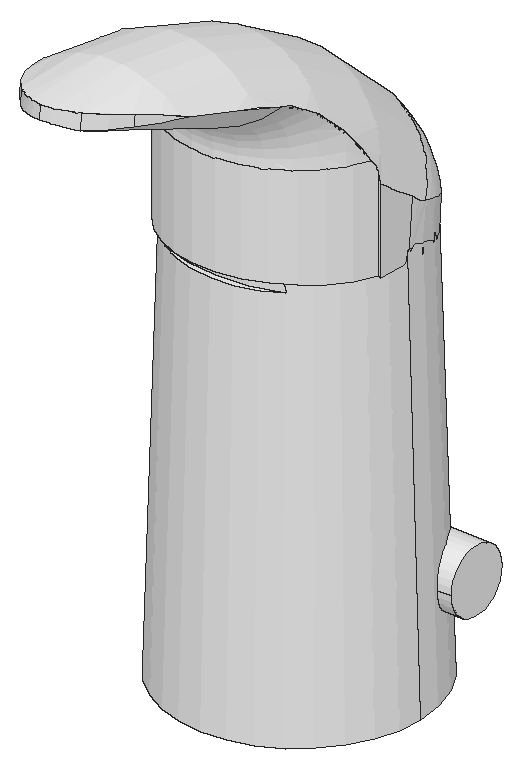
Revit family "Deca_Monocomando Bidê Smart_2895.C71", category Plumbing Fixtures, host Face, Revit 2012
Parameters (values of type "2895.C71_Cromado CR10")
  WFU = 0
  Vendido Separadamente = ""
  Variações de COR = "Cromado (2895.C71)."  # constant formula
  URL = "www.deca.com.br/produtos"
  Segmento = "Competitivo"  # constant formula
  Raio Água Quente = 7.5 mm  # constant formula
  Raio Água Fria = 7.5 mm  # constant formula
  Produto = "Monocomando bidê"  # constant formula
  Pressão = "2 A 40 mca"  # constant formula
  Peso Liquido (Kg) = 2.17
  Norma = "ABNT NBR 10283: 2003"  # constant formula
  Monocomando = Deca CR10 Cromado Metal
  Model = Código  # "2895.C71"
  Material = "Deca_Latão Cromado e Plástico de Engenharia"  # constant formula
  Manufacturer = "Deca"  # constant formula
  Louça/Metais = "Metal"  # constant formula
  Linha = "Smart"  # constant formula
  Informações Complementares = ""
  HWFU = 0
  Flow Pressure = 0.00 psi
  Diâmetro Água Quente = Raio Água Quente * 2  # 15 mm
  Diâmetro Água Fria = Raio Água Fria * 2  # 15 mm
  Description = "Monocomando bidê"  # constant formula
  Default Elevation = 0 mm
  Código = "2895.C71"  # constant formula
  Criado por = "Contino/quattroD"  # constant formula
  Consumo = "Varia com a pressão"  # constant formula
  CWFU = 0
  Atendimento ao Cliente = "0800-0117073"  # constant formula
  Assembly Code = "D2020"
  Aprovado por = "Contino/quattroD"  # constant formula
  Acompanha o Produto = " Ligação Flexível e válvula de escoamento 1602.C"  # constant formula
Reference planes
  plane 1 "Center (Front/Back)": y = 0
  plane 2: z = 0
  plane 3 "Center (Left/Right)": x = 0
  plane 4 "Back 1": y = 30.242
  plane 5 "Front 2": y = -72.786
  plane 6 "Front 1": y = -26.588
  plane 7 "Left 1": x = -29.021
  plane 8 "Right 1": x = 29.06
  plane 9 "Top 1": z = 142.793
Forms (mm)
  Extrusion 1, solid, material "Deca CR10 Cromado Metal" <- "Monocomando", not visible
    sketch origin (-0.837, 0, 0) x (1, 0, 0) y (0, 1, 0)
      loop
        circle (-14.2, 0) r 7.5
    from 0 to 1.794
  Extrusion 2, solid, material "Deca CR10 Cromado Metal" <- "Monocomando", not visible
    sketch origin (0.876, 0, 0) x (1, 0, 0) y (0, 1, 0)
      loop
        circle (14.2, 0) r 7.5
    from 0 to 1.794
  Blend 3, solid, material "Deca CR10 Cromado Metal" <- "Monocomando"
    base sketch origin (0, 0, 0) x (1, 0, 0) y (0, 1, 0)
      loop
        circle (0, 0) r 26.832
    top sketch origin (0, 0, 0) x (1, 0, 0) y (0, 1, 0)
      loop
        circle (0, 0) r 24
    from 0 to 91.364
  Extrusion 4, solid, material "Deca CR10 Cromado Metal" <- "Monocomando"
    sketch origin (0, 0, 0) x (0, 1, 0) y (0, 0, 1)
      loop
        circle (12.851, 22.33) r 6.894
    from -27.753 to 28.686
  Extrusion 5, void
    sketch origin (0, 0, 0) x (1, 0, 0) y (0, 1, 0)
      loop
        line (-26.832, -10.476) -> (-26.832, -31.657) -> (26.832, -31.657) -> (26.832, -10.478)
        arc (26.832, -10.478) -> (0, -22.717) -> (-26.832, -10.476) r 35.531
    from 87.892 to 123.877
  Extrusion 6, solid, material "Deca CR10 Cromado Metal" <- "Monocomando"
    sketch origin (0, -76.462, -899.949) x (1, 0, 0) y (0, 0.996195, -0.087156)
      loop
        arc (0, -85.152) -> (3.554, -84.105) -> (6.604, -82) r 11.709
        arc (6.604, -82) -> (9.719, -78.392) -> (12.091, -74.258) r 24.969
        arc (12.091, -74.258) -> (21.939, -42.826) -> (23.917, -9.947) r 135.593
        spline (23.917, -9.947) -> (23.152, -3.74) -> (20.79, 2.054) -> (16.994, 7.037) -> (12.026, 10.864) -> (6.228, 13.271) -> (0, 14.092) -> (-6.228, 13.271) -> (-12.026, 10.864) -> (-16.994, 7.037) -> (-20.79, 2.054) -> (-23.152, -3.74) -> (-23.917, -9.947)
        arc (-23.917, -9.947) -> (-21.939, -42.826) -> (-12.091, -74.258) r 135.593
        arc (-12.091, -74.258) -> (-9.719, -78.392) -> (-6.604, -82) r 24.969
        arc (-6.604, -82) -> (-3.554, -84.105) -> (0, -85.152) r 11.709
    from 991.516 to 1050.685
  Sweep 7, void
    path origin (0, -76.462, -899.949) x (0, 0.996195, -0.087156) y (0, 0.087156, 0.996195)
      loop
        arc (14.364, 992.278) -> (12.713, 1004.537) -> (5.699, 1014.726) r 26.618
        arc (5.699, 1014.726) -> (-37.165, 1038.082) -> (-85.957, 1039.539) r 105.032
    profile origin (0, 24.33, 87.301) x (0, -0.9824, 0.18679) y (1, 0, 0)
      loop
        line (25.873, 25.142) -> (25.873, 26.981) -> (-37.517, 26.981) -> (-37.517, -28.019) -> (25.873, -28.019) -> (25.873, -25.142)
        spline (25.873, -25.142) -> (19.381, -24.285) -> (13.333, -21.773) -> (8.139, -17.778) -> (4.153, -12.571) -> (1.647, -6.507) -> (0.793, 0) -> (1.647, 6.507) -> (4.153, 12.571) -> (8.139, 17.778) -> (13.333, 21.773) -> (19.381, 24.285) -> (25.873, 25.142)
  Sweep 8, void
    path origin (0, -76.462, -899.949) x (0, 0.996195, -0.087156) y (0, 0.087156, 0.996195)
      loop
        line (-86.727, 1035.863) -> (-43.929, 1021.957)
        arc (-43.929, 1021.957) -> (-39.691, 1018.821) -> (-38.193, 1013.766) r 8.308
        line (-38.193, 1013.766) -> (-35.951, 988.138)
    profile origin (0, -31.154, 121.948) x (0, 0.390731, 0.920505) y (1, 0, 0)
      loop
        arc (18.499, -23.211) -> (0, 0.136) -> (18.499, 23.482) r 23.982
        line (18.499, 23.482) -> (18.499, 26.268) -> (-7.268, 26.268) -> (-7.268, -25.798) -> (18.499, -25.798) -> (18.499, -23.211)
  Extrusion 9, void
    sketch origin (0, -76.462, -899.949) x (0, 0.996195, -0.087156) y (0, 0.087156, 0.996195)
      loop
        line (-96.702, 1039.818) -> (-92.065, 986.81) -> (-37.593, 991.576) -> (-39.086, 1008.645)
        arc (-39.086, 1008.645) -> (-41.29, 1016.246) -> (-45.247, 1023.099) r 32.862
        line (-45.247, 1023.099) -> (-96.702, 1039.818)
    from -28.019 to 28.704
Cuts and joins
  Extrusion 5 cuts Blend 3
  Extrusion 5 cuts Extrusion 4
  joined: Blend 3, Extrusion 4
  Extrusion 5 cuts Extrusion 1
  Extrusion 5 cuts Extrusion 2
  Sweep 7, Sweep 8, Extrusion 9 cuts Extrusion 6
Lines and regions (mm)
  Masking region 1
    outline origin (0, 0, 0) x (1, 0, 0) y (0, 1, 0)
      loop
        arc (21.647, -19.608) -> (27.061, -10.449) -> (29.06, 0) r 31.01
        arc (29.06, 0) -> (28.794, 4.203) -> (27.861, 8.311) r 26.347
        line (27.861, 8.311) -> (27.861, 20.257)
        arc (27.861, 20.257) -> (27.568, 20.964) -> (26.861, 21.257) r 1
        line (26.861, 21.257) -> (19.867, 21.257)
        arc (19.867, 21.257) -> (0, 30.242) -> (-19.867, 21.257) r 26.456
        line (-19.867, 21.257) -> (-26.861, 21.257)
        arc (-26.861, 21.257) -> (-27.568, 20.964) -> (-27.861, 20.257) r 1
        line (-27.861, 20.257) -> (-27.861, 8.311)
        arc (-27.861, 8.311) -> (-28.794, 4.203) -> (-29.06, 0) r 26.347
        arc (-29.06, 0) -> (-27.061, -10.449) -> (-21.647, -19.608) r 31.01
        arc (-21.647, -19.608) -> (-18.257, -41.405) -> (-11.823, -62.505) r 155.866
        arc (-11.823, -62.505) -> (-7.192, -69.118) -> (0, -72.786) r 16.701
        arc (0, -72.786) -> (7.192, -69.118) -> (11.823, -62.505) r 16.701
        arc (11.823, -62.505) -> (18.257, -41.405) -> (21.647, -19.608) r 155.866
  Masking region 2
    outline origin (0, 0, 0) x (1, 0, 0) y (0, 0, 1)
      loop
        line (0, 0) -> (26.456, 0) -> (26.456, 14.562) -> (25.971, 28.453) -> (23.973, 85.658)
        arc (23.973, 85.658) -> (26.667, 85.83) -> (29.06, 87.078) r 6.521
        arc (29.06, 87.078) -> (27.435, 103.804) -> (21.923, 119.679) r 70.993
        arc (21.923, 119.679) -> (20.661, 125.869) -> (18.464, 131.791) r 41.006
        arc (18.464, 131.791) -> (10.937, 140.153) -> (0, 142.793) r 19.005
        arc (0, 142.793) -> (-10.914, 140.179) -> (-18.436, 131.85) r 18.954
        arc (-18.436, 131.85) -> (-20.652, 125.9) -> (-21.923, 119.679) r 41.006
        arc (-21.923, 119.679) -> (-27.435, 103.804) -> (-29.06, 87.078) r 70.993
        arc (-29.06, 87.078) -> (-26.667, 85.83) -> (-23.973, 85.658) r 6.521
        line (-23.973, 85.658) -> (-25.971, 28.453) -> (-26.456, 14.562) -> (-26.456, 0) -> (0, 0)
  Masking region 3
    outline origin (0, 3.728, 0) x (0, 1, 0) y (0, 0, 1)
      loop
        line (-26.588, 0) -> (26.514, 0) -> (23.556, 84.701) -> (25.043, 84.701)
        arc (25.043, 84.701) -> (21.988, 95.903) -> (14.601, 104.86) r 27.627
        arc (14.601, 104.86) -> (-8.938, 124.299) -> (-36.728, 136.933) r 116.153
        arc (-36.728, 136.933) -> (-55.673, 141.235) -> (-75.038, 142.789) r 135.728
        arc (-75.038, 142.789) -> (-76.535, 140.921) -> (-75.038, 139.054) r 1.913
        arc (-75.038, 139.054) -> (-54.074, 129.234) -> (-34.384, 117.058) r 200.175
        arc (-34.384, 117.058) -> (-31.706, 113.902) -> (-30.964, 109.83) r 8
        line (-30.964, 109.83) -> (-32.226, 95.402) -> (-21.586, 91.362)
        arc (-21.586, 91.362) -> (-23.193, 86.745) -> (-23.822, 81.897) r 23.78
        line (-23.822, 81.897) -> (-26.588, 0)
  symbolic lines
    curve 1: arc (-20.869, 0, 118.999) -> (0.001, 0, 117.03) -> (20.872, 0, 118.999) r 111.576
    curve 2: arc (23.598, 0, 114.841) -> (0, 0, 109.784) -> (-23.598, 0, 114.841) r 57.585
    curve 3: arc (29.06, 0, 87.078) -> (0, 0, 95.417) -> (-29.06, 0, 87.078) r 54.805
    curve 4: arc (23.973, 0, 85.658) -> (0, 0, 91.362) -> (-23.973, 0, 85.658) r 53.231
    curve 5: line (-23.598, 0, 114.841) -> (-20.869, 0, 118.999)
    curve 6: arc (-20.869, 0, 118.999) -> (-18.012, 0, 128.153) -> (-12.558, 0, 136.04) r 31.82
    curve 7: arc (-12.558, 0, 136.04) -> (-6.539, 0, 138.63) -> (0, 0, 139.055) r 19.284
    curve 8: line (23.598, 0, 114.841) -> (20.869, 0, 118.999)
    curve 9: arc (20.869, 0, 118.999) -> (18.012, 0, 128.153) -> (12.558, 0, 136.04) r 31.82
    curve 10: arc (12.558, 0, 136.04) -> (6.539, 0, 138.63) -> (0, 0, 139.055) r 19.284
    curve 11: line (0, -17.858, 91.362) -> (0, -8.461, 87.942)
    curve 12: line (0, -8.461, 87.942) -> (0, 27.284, 84.701)
    curve 13: circle (0, 14.161, 21.464) r 6.988 normal (-1, 0, 0)
    curve 14: arc (-19.867, 21.257, 0) -> (-24.84, 15.387, 0) -> (-27.861, 8.311, 0) r 25.785
    curve 15: arc (19.867, 21.257, 0) -> (24.938, 15.447, 0) -> (27.861, 8.311, 0) r 23.556
Dimensions and locks
  plane 6 "Front 1" to plane 4 "Back 1" = 56.83 mm  (x2)
  plane 7 "Left 1" to plane 8 "Right 1" = 58.082 mm
  plane 5 "Front 2" to plane 4 "Back 1" = 103.028 mm  (x2)
  plane 8 "Right 1" to plane 7 "Left 1" = 58.082 mm
  plane 9 "Top 1" to plane 2 = 142.793 mm  (x2)
  aligned and locked: host face to plane 2
  aligned and locked: level to host face
Connectors
  piping at (-15.037, 0, 0), driven by "Raio Água Quente", driven by "Flow Pressure", driven by "HWFU"
    settings: on Extrusion 1, index 1, connector radius 0.29528", flow factor 0, pipe flow 0 GPM, pressure drop 0.00 psi, fitting loss kfactor 0, connector angle 0.00°, fixture units 0, engagement length 0 mm, flow configuration 3, flow direction 1, fitting loss method 4, system type 19, joint type 0, gender type 0, connector reference index -1, connector utility 0, adjustable connector no, is connector primary yes, fitting loss table "", connector description ""
  piping at (15.076, 0, 0), driven by "Raio Água Fria", driven by "Flow Pressure", driven by "CWFU"
    settings: on Extrusion 2, index 2, connector radius 0.29528", flow factor 0, pipe flow 0 GPM, pressure drop 0.00 psi, fitting loss kfactor 0, connector angle 0.00°, fixture units 0, engagement length 0 mm, flow configuration 3, flow direction 1, fitting loss method 4, system type 20, joint type 0, gender type 0, connector reference index -1, connector utility 0, adjustable connector no, is connector primary no, fitting loss table "", connector description ""
